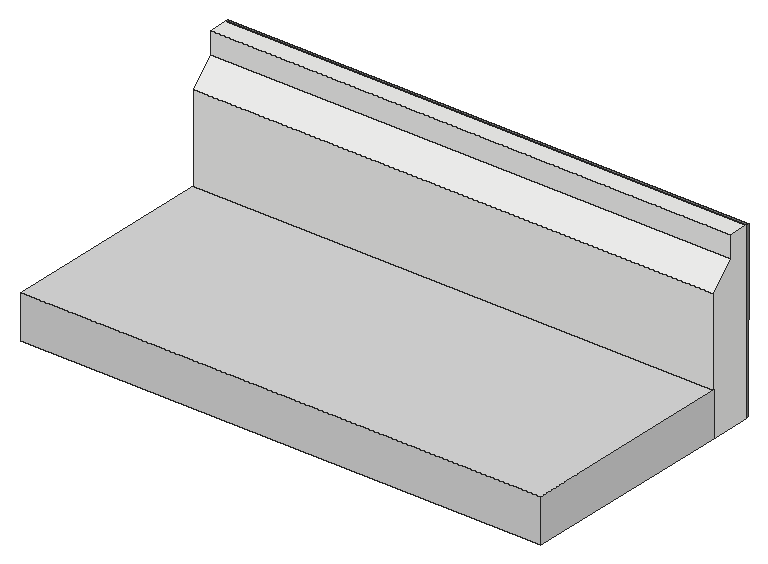
Revit family "Legalett_L-Element_Fibercement_FOT-S200", category Structural Foundations, Revit 2024
Family settings
  Material for Model Behavior = Other
  Cap = No
  OmniClass Number = 23.25.05.00
  OmniClass Title = Foundations
  Work Plane-Based = No
  Always vertical = Yes
  Cut with Voids When Loaded = No
  Shared = No
  Show family pre-cut in plan views = Yes
Parameters (values of type "L400 Linatex S200")
  Width = 500 mm
  Type Comments = "21200-400"
  Thickness foot = 100 mm
  Thickness = 100 mm
  Structural Material = Default
  Model = "Kantelement L400 Linatex S200"
  Manufacturer = "Legalett"
  Length [instance] = 1200 mm
  Keynote = ""
  Foundation Thickness = 400 mm
  Foundation Length [instance] = Length  # 1200 mm
  Description = ""
  Assembly Code = ""
Types (4, lengths in mm): name | Type Comments | Model | Foundation Thickness
  L300 Linatex S200 | "21200-300" | "Kantelement L300 Linatex S200" | 300
  L400 Linatex S200 | "21200-400" | "Kantelement L400 Linatex S200" | 400
  L450 Linatex S200 | "21200-450" | "Kantelement L450 Linatex S200" | 450
  L500 Linatex S200 | "21200-500" | "Kantelement L500 Linatex S200" | 500
Reference planes
  plane 1 "Center (Front/Back)": y = 0
  plane 2: z = 0
  plane 3 "Center (Left/Right)": x = 0
  plane 4: x = -600
  plane 5: x = 600
  plane 6: y = -275
  plane 7: z = 400
  plane 8: z = 350
  plane 9: z = 300
  plane 10: y = 225
  plane 11: y = 325
  plane 12: y = 319
Forms (mm)
  Extrusion 1, solid, material "EPS100"
    sketch origin (0, 0, 0) x (0, 1, 0) y (0, 0, 1)
      loop
        line (275, 350) -> (225, 300) -> (225, 0) -> (319, 0) -> (319, 400) -> (275, 400) -> (275, 350)
    from -600 to 600
  Extrusion 2, solid, material "Element Fibercement"
    sketch origin (0, 0, 0) x (0, 1, 0) y (0, 0, 1)
      loop
        line (325, 400) -> (319, 400) -> (319, 0) -> (325, 0) -> (325, 400)
    from -600 to 600
  Extrusion 3, solid, material "EPS200"
    sketch origin (0, 0, 0) x (0, 1, 0) y (0, 0, 1)
      loop
        line (225, 0) -> (225, 100) -> (-275, 100) -> (-275, 0) -> (225, 0)
    from -600 to 600
Dimensions and locks
  equal spacing: plane 4, plane 3 "Center (Left/Right)", plane 5
  "Length": plane 4 to plane 5
  plane 1 "Center (Front/Back)" to plane 6 = 275 mm
  locked: Extrusion 1 sketch curve to Extrusion 1 sketch curve at 50
  locked: plane 9 to Extrusion 1 sketch curve at 50
  "Thickness": plane 11 to plane 10
  "Foundation Thickness": plane 7 to level
  locked: plane 7 to plane 9 at 100
  "Thickness foot": Extrusion 3 to Extrusion 3
  "Width": plane 10 to plane 6
  aligned and locked: plane 2 to level
  aligned and locked: plane 5 to Extrusion 2
  aligned and locked: Extrusion 2 to plane 4
  aligned and locked: Extrusion 1 to plane 4
  aligned and locked: plane 5 to Extrusion 1
  aligned and locked: plane 7 to Extrusion 2 sketch curve
  aligned and locked: Extrusion 2 sketch curve to plane 2
  aligned and locked: Extrusion 1 to Extrusion 3
  aligned and locked: Extrusion 1 to plane 10
  aligned and locked: Extrusion 2 to Extrusion 1
  aligned and locked: Extrusion 1 to level
  aligned and locked: plane 11 to Extrusion 2
  aligned and locked: Extrusion 3 to plane 4
  aligned and locked: plane 5 to Extrusion 3
  aligned and locked: Extrusion 3 to level
Automatic sketch dimensions
  Extrusion 3 sketch curve to level = 0 mm
  Extrusion 3 sketch curve to plane 6 = 0 mm
  level to Extrusion 3 sketch curve = 100 mm
  Extrusion 3 sketch curve to plane 10 = 0 mm
  Extrusion 2 sketch curve to plane 11 = 0 mm
  plane 11 to Extrusion 2 sketch curve = 6 mm
  Extrusion 1 sketch curve to level = 0 mm
  Extrusion 1 sketch curve to plane 10 = 0 mm
  plane 9 to Extrusion 1 sketch curve = 0 mm
  plane 11 to Extrusion 1 sketch curve = 6 mm
  plane 10 to Extrusion 1 sketch curve = 50 mm
